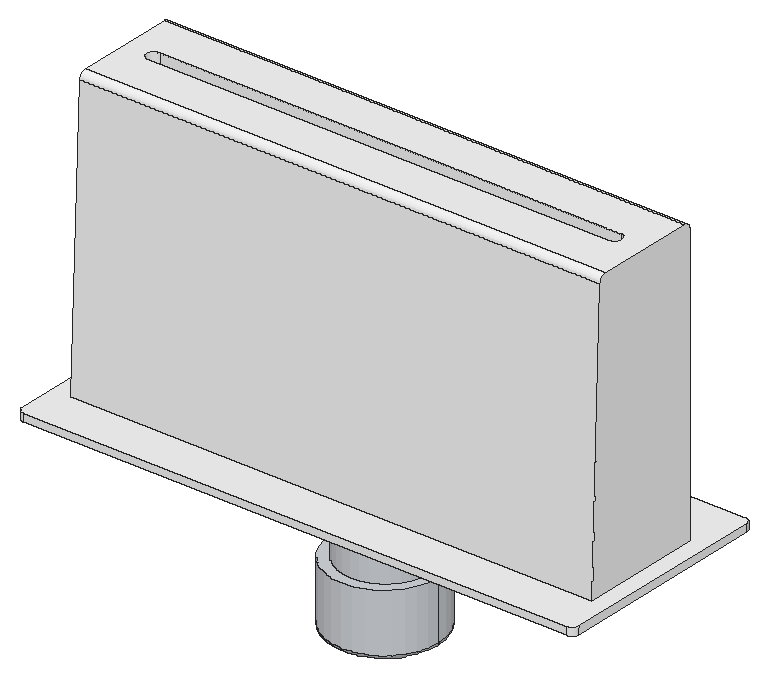
Revit family "Reece_Tap_Mizu_Bloc MK2_Bath Outlet_Waterfall", category Plumbing Fixtures, host Face, Revit 2018
Family settings
  Host = Face
  Round Connector Dimension = Use Diameter
  Part Type = Normal
  Cut with Voids When Loaded = No
  Shared = Yes
  Room Calculation Point = Yes
Parameters (values of type "Chrome")
  WFU = 0  # constant formula
  URL = "https://www.reece.com.au/product/-9508077"
  Type Comments = "Tap\r\n"
  Reece_Tap_Reach = 79 mm  # constant formula
  Reece_Tap_Inlet = 24 mm  # constant formula
  Reece_Product_Web Page = "https://www.reece.com.au/product/-9508077"
  Reece_Product_Type = "Tap\r\n"  # constant formula
  Reece_Product_Sub Brand = "Bloc MK2\r\n"  # constant formula
  Reece_Product_Number = "9508077"
  Reece_Product_Mount = "Wall Mounted"
  Reece_Product_Description = "Mizu Bloc MK2 Waterfall Bath Outlet Chrome"
  Reece_Product_Brand = "Mizu\r\n"  # constant formula
  Reece_Overall_Width = 150 mm  # constant formula
  Reece_Overall_Projection = 79 mm  # constant formula
  Reece_Overall_Length = 60 mm  # constant formula
  Reece_Overall_Height = 33 mm  # constant formula
  Reece_Material-Main = Reece_Brass_Chrome
  Reece_Detail_Installation = ""
  Reece_Detail_Disclaimer = "THIS FILE IS THE PROPERTY OF THE REECE GROUP. IT MAY NOT BE REPRODUCED, REVERSE-ENGINEERED OR MODIFIED. ANY REPUBLICATION, TRANSMISSION OR DISTRIBUTION FOR THE PURPOSE OF COMMERCIALLY EXPLOITING THE FILES IS PROHIBITED."  # constant formula
  Reece_Detail_Connector = ""
  Reece_Detail_Additional = "Waterfall\r\n"  # constant formula
  Model = "Bloc MK2\r\n"
  Manufacturer = "Mizu\r\n"
  Keynote = "Product #9508077, Reece_Tap_Mizu_Bloc MK2_Bath Outlet_Waterfall - Chrome"
  HWFU = 0  # constant formula
  Disclaimer = "THIS FILE IS THE PROPERTY OF THE REECE GROUP. IT MAY NOT BE REPRODUCED, REVERSE-ENGINEERED OR MODIFIED. ANY REPUBLICATION, TRANSMISSION OR DISTRIBUTION FOR THE PURPOSE OF COMMERCIALLY EXPLOITING THE FILES IS PROHIBITED."  # constant formula
  Description = "Mizu Bloc MK2 Waterfall Bath Outlet Chrome"
  Default Elevation = 1000 mm
  CWFU = 0  # constant formula
Types (3, lengths in mm): name | URL | Reece_Product_Web Page | Reece_Product_Number | Reece_Product_Description | Reece_Material-Main | Keynote | Description
  (no name) | "https://www.reece.com.au/product/-9508077" | "https://www.reece.com.au/product/-9508077" | "9508077" | "Mizu Bloc MK2 Waterfall Bath Outlet Chrome" | Reece_Brass_Chrome | "Product #9508077, Reece_Tap_Mizu_Bloc MK2_Bath Outlet_Waterfall -  " | "Mizu Bloc MK2 Waterfall Bath Outlet Chrome"
  Chrome | "https://www.reece.com.au/product/-9508077" | "https://www.reece.com.au/product/-9508077" | "9508077" | "Mizu Bloc MK2 Waterfall Bath Outlet Chrome" | Reece_Brass_Chrome | "Product #9508077, Reece_Tap_Mizu_Bloc MK2_Bath Outlet_Waterfall - Chrome" | "Mizu Bloc MK2 Waterfall Bath Outlet Chrome"
  Matte Black | "https://www.reece.com.au/product/-9508091" | "https://www.reece.com.au/product/-9508091" | "9508091" | "Mizu Bloc MK2 Waterfall Bath Outlet Matte Black" | Reece_Brass_Matte Black | "Product #9508091, Reece_Tap_Mizu_Bloc MK2_Bath Outlet_Waterfall - Matte Black" | "Mizu Bloc MK2 Waterfall Bath Outlet Matte Black"
Reference planes
  plane 1 "Center (Front/Back)": y = 0
  plane 2 "Bottom": z = 0
  plane 3 "Center (Left/Right)": x = 0
  plane 4 "Top": z = 79
  plane 5: z = 2.057
  plane 6: y = 29.973
  plane 7: y = -30.027
  plane 8: y = 14.945
  plane 9: y = -18.055
  plane 10: x = -70.064
  plane 11: x = 70.064
  plane 12: x = -75.137
  plane 13: x = 74.863
  plane 14: y = 12.066
  plane 15: y = -11.934
Forms (mm)
  Extrusion 1, solid, material "Reece_Brass_Chrome" <- "Reece_Material-Main"
    sketch origin (0, 0, 0) x (1, 0, 0) y (0, 1, 0)
      loop
        line (-75.137, 28.032) -> (-75.137, -28.143)
        arc (-75.137, -28.143) -> (-74.585, -29.476) -> (-73.253, -30.027) r 1.884
        line (-73.253, -30.027) -> (73.019, -30.027)
        arc (73.019, -30.027) -> (74.323, -29.487) -> (74.863, -28.183) r 1.844
        line (74.863, -28.183) -> (74.863, 28.153)
        arc (74.863, 28.153) -> (74.33, 29.44) -> (73.043, 29.973) r 1.82
        line (73.043, 29.973) -> (-73.197, 29.973)
        arc (-73.197, 29.973) -> (-74.569, 29.404) -> (-75.137, 28.032) r 1.94
    from 0 to 2.057
  Extrusion 2, solid, material "Reece_Brass_Chrome" <- "Reece_Material-Main"
    sketch origin (0, 0, 0) x (1, 0, 0) y (0, 1, 0)
      loop
        line (-70.064, -18.055) -> (70.064, -18.055) -> (70.064, 14.945) -> (-70.064, 14.945) -> (-70.064, -18.055)
    from 0 to 79
  Extrusion 3, void
    sketch origin (0, 0, 0) x (1, 0, 0) y (0, 1, 0)
      loop
        line (61.941, 1.92) -> (-62.082, 1.92)
        arc (-62.082, 1.92) -> (-64.07, -0.069) -> (-62.082, -2.057) r 1.988
        line (-62.082, -2.057) -> (61.941, -2.057)
        arc (61.941, -2.057) -> (63.929, -0.069) -> (61.941, 1.92) r 1.988
    from 2.057 to 79
  Extrusion 4, void
    sketch origin (0, 0, 0) x (0, 1, 0) y (0, 0, 1)
      loop
        arc (13.345, 79) -> (14.477, 78.531) -> (14.945, 77.4) r 1.6
        line (14.945, 77.4) -> (14.945, 79) -> (13.345, 79)
    from -70.064 to 70.064
  Extrusion 5, void
    sketch origin (0, 0, 0) x (0, 1, 0) y (0, 0, 1)
      loop
        line (-18.055, 2.041) -> (-15.049, 77.212)
        arc (-15.049, 77.212) -> (-14.479, 78.481) -> (-13.188, 79) r 1.863
        line (-13.188, 79) -> (-13.188, 79.889) -> (-23.188, 79.889) -> (-23.188, 2.041) -> (-18.055, 2.041)
    from -78.46 to 83.7
  Revolve 6, solid
    sketch origin (0, 0, 0) x (1, 0, 0) y (0, 0, 1)
      loop
        line (0, -6.243) -> (0, -7.383) -> (0, -36.457) -> (13.7, -36.457)
        arc (13.7, -36.457) -> (14.266, -36.223) -> (14.5, -35.657) r 0.8
        line (14.5, -35.657) -> (14.5, -19.883) -> (11.587, -19.883) -> (11.587, -6.243) -> (0, -6.243)
      axis (0, -6.243) -> (0, -36.457)
    angle from 0 to 360
  Extrusion 7, void
    sketch origin (0, 0, 0) x (1, 0, 0) y (0, 1, 0)
      loop
        circle (0, 0) r 12
    from -10.85 to 0
  Extrusion 8, void
    sketch origin (0, 0, 0) x (1, 0, 0) y (0, 1, 0)
      loop
        circle (0, 0) r 12
    from -38.472 to -27.864
Cuts and joins
  Extrusion 3, Extrusion 4, Extrusion 5 cuts Extrusion 2
  joined: Extrusion 1, Extrusion 2
  Extrusion 8 cuts Revolve 6
Text (mm)
  text "Reece Copyright © 2018, Reece Ltd." at (-56.858, -191.291, 0), in view "Ref. Level"
  text "Reece ©" at (74.977, 173.398, 76.2), in view "Reece Preview"
Dimensions and locks
  plane 10 to plane 11 = 140.128 mm
  "Reece_Overall_Width": plane 12 to plane 13
  "Reece_Overall_Length": plane 7 to plane 6
  "Reece_Overall_Height": plane 9 to plane 8
  plane 4 "Top" to host face = 79 mm
  plane 5 to plane 2 "Bottom" = 2.057 mm  (x2)
  plane 11 to plane 10 = 140.128 mm  (x2)
  plane 13 to plane 12 = 150 mm  (x2)
  plane 1 "Center (Front/Back)" to plane 7 = 30.027 mm
  plane 2 "Bottom" to plane 4 "Top" = 79 mm
  plane 2 "Bottom" to plane 5 = 2.057 mm
  plane 14 to plane 15 = 24 mm
  "Reece_Overall_Projection": plane 4 "Top" to plane 2 "Bottom"
  plane 1 "Center (Front/Back)" to plane 6 = 29.973 mm
  plane 7 to plane 6 = 60 mm
  plane 9 to plane 8 = 33 mm
  aligned and locked: plane 2 "Bottom" to host face
  aligned and locked: level to host face
  aligned and locked: Extrusion 1 to plane 2 "Bottom"
  aligned and locked: plane 5 to Extrusion 1
  aligned and locked: plane 4 "Top" to Extrusion 3
  aligned and locked: plane 4 "Top" to Extrusion 4
  aligned and locked: Extrusion 2 to Extrusion 4
  aligned and locked: Extrusion 4 to Extrusion 2
  aligned and locked: Extrusion 2 sketch curve to plane 11
Automatic sketch dimensions
  host sketch curve to host sketch curve = 380.785 mm
  host sketch curve to host sketch curve = 317.421 mm
  Extrusion 1 sketch curve to plane 12 = 0 mm
  plane 7 to Extrusion 1 sketch curve = 0 mm
  plane 6 to Extrusion 1 sketch curve = 0 mm
  Extrusion 1 sketch curve to plane 13 = 0 mm
  plane 12 to Extrusion 1 sketch curve = 1.884 mm
  plane 6 to Extrusion 1 sketch curve = 1.94 mm
  Extrusion 1 sketch curve to plane 13 = 1.844 mm
  plane 6 to Extrusion 1 sketch curve = 1.82 mm
  Extrusion 3 sketch curve to plane 1 "Center (Front/Back)" = 1.92 mm
  plane 10 to Extrusion 3 sketch curve = 7.982 mm
  Extrusion 3 sketch curve to plane 11 = 8.123 mm
  plane 1 "Center (Front/Back)" to Extrusion 3 sketch curve = 0.069 mm
  Extrusion 4 sketch curve to plane 8 = 0 mm
  Extrusion 4 sketch curve to plane 14 = 1.279 mm
  Extrusion 4 sketch curve to plane 4 "Top" = 0 mm  (x2)
  Extrusion 4 sketch curve to Extrusion 4 sketch curve = 0 mm
  Extrusion 5 sketch curve to plane 4 "Top" = 0 mm
  plane 5 to Extrusion 5 sketch curve = 0.016 mm
  plane 9 to Extrusion 5 sketch curve = 5.133 mm
  plane 9 to Extrusion 5 sketch curve = 0.001 mm
  Extrusion 5 sketch curve to plane 4 "Top" = 1.788 mm
  Extrusion 5 sketch curve to plane 9 = 3.006 mm
  plane 15 to Extrusion 5 sketch curve = 1.254 mm
  plane 4 "Top" to Extrusion 5 sketch curve = 0.889 mm
  Extrusion 2 sketch curve to plane 9 = 0 mm
  plane 8 to Extrusion 2 sketch curve = 0 mm
  Extrusion 2 sketch curve to plane 10 = 0 mm
  plane 1 "Center (Front/Back)" to Extrusion 7 sketch curve = 0 mm
  Extrusion 7 sketch curve to plane 3 "Center (Left/Right)" = 0 mm
  Revolve 6 sketch curve to plane 3 "Center (Left/Right)" = 0 mm  (x2)
  Revolve 6 sketch curve to level = 6.243 mm
  Revolve 6 sketch curve to Revolve 6 sketch curve = 11.587 mm
  Revolve 6 sketch curve to Revolve 6 sketch curve = 0.8 mm
  Revolve 6 sketch curve to Revolve 6 sketch curve = 1.14 mm
  Revolve 6 sketch curve to Revolve 6 sketch curve = 15.775 mm
  Revolve 6 sketch curve to Revolve 6 sketch curve = 0.975 mm
  Revolve 6 sketch curve to plane 5 = 10.51 mm
  Revolve 6 sketch curve to Revolve 6 sketch curve = 2.113 mm
  Revolve 6 sketch curve to Revolve 6 sketch curve = 13.64 mm
  plane 1 "Center (Front/Back)" to Extrusion 8 sketch curve = 0 mm
  Extrusion 8 sketch curve to plane 3 "Center (Left/Right)" = 0 mm
  radius of Extrusion 7 sketch curve = 12 mm
  radius of Extrusion 8 sketch curve = 12 mm
Connectors
  piping at (0, 0, -36.457), diameter 24, driven by "Reece_Tap_Inlet"
    settings: on cut or joined group of Revolve 6, Extrusion 8, index 1, connector inside diameter 609.6 mm, connector length 0 mm, flow factor 0, pipe flow 0.0 L/s, pressure drop 0.0 Pa, fitting loss kfactor 0, connector angle 0.00°, fixture units 0, engagement length 0 mm, angle of deflection 0.00°, flow configuration 0, flow direction 1, fitting loss method 0, system type 29, joint type 0, gender type 0, connector reference index -1, connector utility 0, adjustable connector no, is connector primary yes, connector description ""
